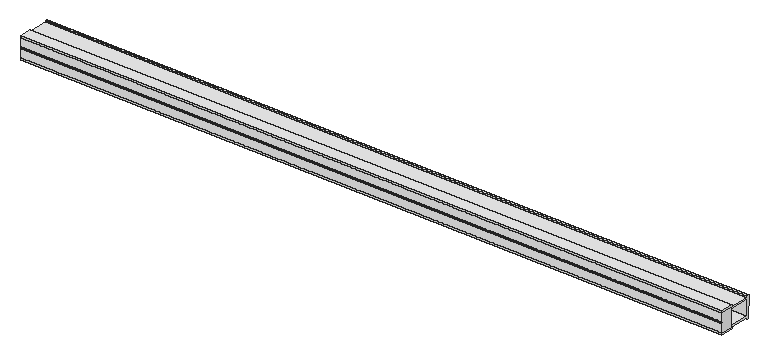
Revit family "4070765+4070746 Feilo Sylvania Lighting Fixture CURSUS 1161MM 827LM OVAL LED 3K with CONTINUOUS WALL HOUSING", category Lighting Fixtures, host Face, Revit 2017
Family settings
  Host = Face
  Round Connector Dimension = Use Diameter
  Part Type = Normal
  OmniClass Number = 23.80.70.14
  OmniClass Title = Luminaries for External Lighting
  Cut with Voids When Loaded = Yes
  Light Source = Yes
  Shared = Yes
  Room Calculation Point = No
Parameters (values of type "4070765 CURSUS 1161MM 827LM OVAL LED 3K")
  Width_FEILO = 35 mm
  Weight = "2.2 kg"
  Wattage Comments = "n/a"
  Wattage = 18 W
  WarrantyStartDate [instance] = "n/a"
  WarrantyGuarantorParts = "n/a"
  WarrantyDurationUnit = "n/a"
  WarrantyDurationParts = "n/a"
  WarrantyDescription = "n/a"
  WallThickness_FEILO = 2.5 mm
  built-in parameter 1150110 = 1 (stored number, unit not read)
  Voltage = 24 V
  URL = "http://www.sylvania-lighting.com"
  TypeName = "CURSUS 1161MM 827LM OVAL LED 3K"
  Type Image = <None>
  Type Comments = "n/a"
  built-in parameter 1114217 = 1 (stored number, unit not read)
  Tilt Angle = -90.00°
  built-in parameter 1150109 = 1 (stored number, unit not read)
  built-in parameter 1150134 = (empty or 0)
  built-in parameter 1150113 = 1 (stored number, unit not read)
  SerialNumber [instance] = "n/a"
  ReflectorMaterial = none
  PowerFactor = 0
  PowerConsumption = "18 W"
  Photometric Web File = "4070765.ies"
  NominalLength = 1161 mm
  NominalHeight = 50 mm
  NominalDepth = 30 mm
  Name = "CURSUS 1161MM 827LM OVAL LED 3K"
  ModelReference = Name  # "CURSUS 1161MM 827LM OVAL LED 3K"
  ModelNumber = "4070765"
  Model = Name  # "CURSUS 1161MM 827LM OVAL LED 3K"
  Material = "natural anodised extruded aluminium structure housing, optical system with pmma lenses diffuser"
  ManufacturerName = "Feilo Sylvania"
  Manufacturer = "Feilo Sylvania"
  LuminousEfficacy = "45.94 lm/W"
  built-in parameter 1150105 = 1166.5 (stored number, unit not read)
  Lumens = 827 lm
  LuminaireType = ""
  built-in parameter 1150115 = 1 (stored number, unit not read)
  LightOutputRatio = "100"
  built-in parameter 1150137 = (empty or 0)
  built-in parameter 1150139 = (empty or 0)
  Length_FEILO = 1167 mm
  LampsType = Lamp  # "LED"
  LampNominalLuminous = "827 lm"
  LampMacAdamStep = "n/a"
  LampColourTemperature = "3000 K"
  LampColourRenderingIndex = "80"
  built-in parameter 1150112 = 1 (stored number, unit not read)
  built-in parameter 1150114 = 1 (stored number, unit not read)
  Lamp = "LED"
  Keynote = "16500"
  InstallationDate [instance] = "n/a"
  InputVoltage = "24V DC"
  InputNominalFrequency = "n/a"
  built-in parameter 1150132 = (empty or 0)
  built-in parameter 1150102 = (empty or 0)
  built-in parameter 1150107 = 3000 (stored number, unit not read)
  built-in parameter 1150138 = (empty or 0)
  IngressProtection = "IP67"
  ImpactProtectionIndex = "IK07"
  built-in parameter 1150106 = 11.665 (stored number, unit not read)
  IfcExportType = "IfcLightFixtureType"
  IfcExportAs = "IfcLightFixtureType"
  ExpectedLife = 50000
  EndCapRight [instance] = no
  EndCapLeft [instance] = no
  Emit from Rectangle Width = Width_FEILO - WallThickness_FEILO * 2  # 30 mm
  Emit from Rectangle Length = Length_FEILO - WallThickness_FEILO * 2  # 1162 mm
  Emit Shape Visible in Rendering = no
  ElectricShockClassification = "Class III"
  built-in parameter 1150104 = 4.2684 (stored number, unit not read)
  DurationUnit = "hours"
  DocumentationLiterature = "http://www.sylvania-lighting.com/product/en-int/products/4070765"
  DimmingControlOptions = "n/a"
  Dimming Lamp Color Temperature Shift = <None>
  DiffuserMaterial = Diffuser-Sylvania-Glow
  Description = "LED Exterior Lighting Recessed Surface Mounted Linear Fixture, Natural anodised extruded aluminium structure. Die-cast aluminium end caps. Installation kit with harmonic steel springs., 827 lm, 18W, 45lm/W, 3000K, CRI80+,non dimmable,IP67, IK07, (HxWxD) 1161x50x30mm, 3 step Mac Adam Ellipse, 2.2kg,, Classe III, 21-25V-DC, energy class : A++, A+, A"
  Default Elevation = 1219.2 mm
  CreatedOn = "1/8/2018"
  CreatedBy = ""
  Cost = 0
  Color Filter = 16777215
  built-in parameter 1114216 [instance] = (empty or 0)
  ClassificationValue = "EF_70_80"
  ClassificationName = "Uniclass2015"
  BodyMaterial = Body-Sylvania-Gray
  BarCode [instance] = "n/a"
  built-in parameter 1114218 = 1 (stored number, unit not read)
  built-in parameter 1150133 = 10 (stored number, unit not read)
  AssetType = "Fixed"
  AssetIdentifier [instance] = "n/a"
  Assembly Code = "D5020200"
  Apparent Load = 18 VA
  AccessoryMaterial = Diffuser-Sylvania-Glow
Reference planes
  plane 1 "Center (Front/Back)": y = 0
  plane 2: z = 0
  plane 3 "Center (Left/Right)": x = 0
  plane 4: x = 583.5
  plane 5: x = -583.5
  plane 6: x = -581
  plane 7: x = 581
  plane 8: z = 35
  plane 9: z = 17.5
  plane 10: z = 32.5
  plane 11: z = 2.5
  plane 12: z = 30
  plane 13: z = 5
  plane 14: y = -55
  plane 15: y = -53
  plane 16: y = -2.5
  plane 17: y = -37
  plane 18: y = -34.5
Forms (mm)
  Extrusion 1, solid, material "Body-Sylvania-Gray" <- "BodyMaterial"
    sketch origin (0, 0, 0) x (0, 1, 0) y (0, 0, 1)
      loop
        line (0, 35) -> (-2.5, 35) -> (-2.5, 32.5) -> (-34.5, 32.5) -> (-34.5, 35) -> (-55, 35) -> (-55, 32.5) -> (-37, 32.5) -> (-37, 30) -> (-2.5, 30) -> (-2.5, 5) -> (-37, 5) -> (-37, 2.5) -> (-55, 2.5) -> (-55, 0) -> (-34.5, 0) -> (-34.5, 2.5) -> (-2.5, 2.5) -> (-2.5, 0) -> (0, 0) -> (0, 35)
    from -581 to 581
  Extrusion 2, solid, material "Diffuser-Sylvania-Glow" <- "DiffuserMaterial"
    sketch origin (0, 0, 0) x (0, 1, 0) y (0, 0, 1)
      loop
        line (-37, 32.5) -> (-55, 32.5) -> (-55, 19.5) -> (-53, 17.5) -> (-55, 15.5) -> (-55, 2.5) -> (-37, 2.5) -> (-37, 32.5)
    from -581 to 581
  Extrusion 3, solid, material "Body-Sylvania-Gray" <- "BodyMaterial", visible <- "EndCapRight"
    sketch origin (581, 1524, 1219.2) x (0, 1, 0) y (0, 0, 1)
      loop
        line (-1579, -1184.2) -> (-1579, -1219.2) -> (-1524, -1219.2) -> (-1524, -1184.2) -> (-1579, -1184.2)
    from 0 to 2.5
  Extrusion 4, solid, material "Body-Sylvania-Gray" <- "BodyMaterial", visible <- "EndCapLeft"
    sketch origin (-581, 1524, 1219.2) x (0, 1, 0) y (0, 0, 1)
      loop
        line (-1579, -1184.2) -> (-1579, -1219.2) -> (-1524, -1219.2) -> (-1524, -1184.2) -> (-1579, -1184.2)
    from -2.5 to 0
Dimensions and locks
  equal spacing: plane 5, plane 3 "Center (Left/Right)", plane 4
  "Length_FEILO": plane 5 to plane 4
  equal spacing: plane 6, plane 3 "Center (Left/Right)", plane 7
  "WallThickness_FEILO": plane 5 to plane 6
  locked: plane 9 to plane 2 at 17.5
  locked: plane 8 to plane 2 at 35
  equal spacing: plane 11, plane 9, plane 10
  equal spacing: plane 13, plane 9, plane 12
  "WallThickness_FEILO": plane 12 to plane 10
  locked: plane 14 to plane 15 at 2
  locked: plane 14 to plane 17 at 18
  "WallThickness_FEILO": plane 17 to plane 18
  "WallThickness_FEILO": plane 16 to plane 1 "Center (Front/Back)"
  locked: plane 15 to Extrusion 2 sketch curve (angle 45.00°)
  locked: Extrusion 2 sketch curve to plane 15 (angle 45.00°)
  aligned and locked: plane 2 to host face
  aligned and locked: level to host face
  aligned and locked: plane 1 "Center (Front/Back)" to Extrusion 1 sketch curve
  aligned and locked: Extrusion 1 sketch curve to plane 8  (x2)
  aligned and locked: plane 16 to Extrusion 1 sketch curve
  aligned and locked: host face to Extrusion 1 sketch curve
  aligned and locked: Extrusion 1 sketch curve to plane 16  (x2)
  aligned and locked: Extrusion 1 sketch curve to plane 11
  aligned and locked: plane 18 to Extrusion 1 sketch curve
  aligned and locked: level to Extrusion 1 sketch curve
  aligned and locked: plane 11 to Extrusion 1 sketch curve
  aligned and locked: Extrusion 1 sketch curve to plane 17
  aligned and locked: plane 13 to Extrusion 1 sketch curve
  aligned and locked: Extrusion 1 sketch curve to plane 12
  aligned and locked: plane 10 to Extrusion 1 sketch curve  (x2)
  aligned and locked: plane 17 to Extrusion 1 sketch curve  (x2)
  aligned and locked: plane 12 to Extrusion 1 sketch curve
  aligned and locked: Extrusion 1 sketch curve to plane 10
  aligned and locked: Extrusion 1 sketch curve to plane 18
  aligned and locked: plane 7 to Extrusion 1
  aligned and locked: Extrusion 1 to plane 6
  aligned and locked: Extrusion 2 sketch curve to Extrusion 1  (x4)
  aligned and locked: Extrusion 1 to Extrusion 2 sketch curve
  aligned and locked: plane 9 to Extrusion 2 sketch curve
  aligned and locked: plane 7 to Extrusion 2
  aligned and locked: Extrusion 2 to plane 6
  aligned and locked: Extrusion 3 sketch curve to Extrusion 1  (x4)
  aligned and locked: plane 4 to Extrusion 3
  aligned and locked: Extrusion 3 to plane 7
  aligned and locked: Extrusion 4 sketch curve to Extrusion 3  (x3)
  aligned and locked: Extrusion 4 sketch curve to Extrusion 1
  aligned and locked: Extrusion 4 to plane 5
  aligned and locked: plane 6 to Extrusion 4
  aligned and locked: plane 14 to imposter light
  aligned and locked: imposter light to plane 9
  aligned and locked: plane 3 "Center (Left/Right)" to imposter light
Automatic sketch dimensions
  host sketch curve to host sketch curve = 2438.4 mm  (x2)
  Extrusion 1 sketch curve to plane 14 = 0 mm  (x2)
  Extrusion 2 sketch curve to plane 15 = 0 mm
Connectors
  electrical at (0, 0, 0), driven by "Apparent Load", driven by "PowerFactor", driven by "Voltage"
    settings: index 1, voltage 24 V, apparent load 18 VA, apparent load phase1 0 VA, apparent load phase2 0 VA, apparent load phase3 0 VA, power factor 0, load classification "Lighting", number of poles 1, system type 30, power factor state 1, is connector primary yes, connector utility no, sub classification motor no, connector description ""
